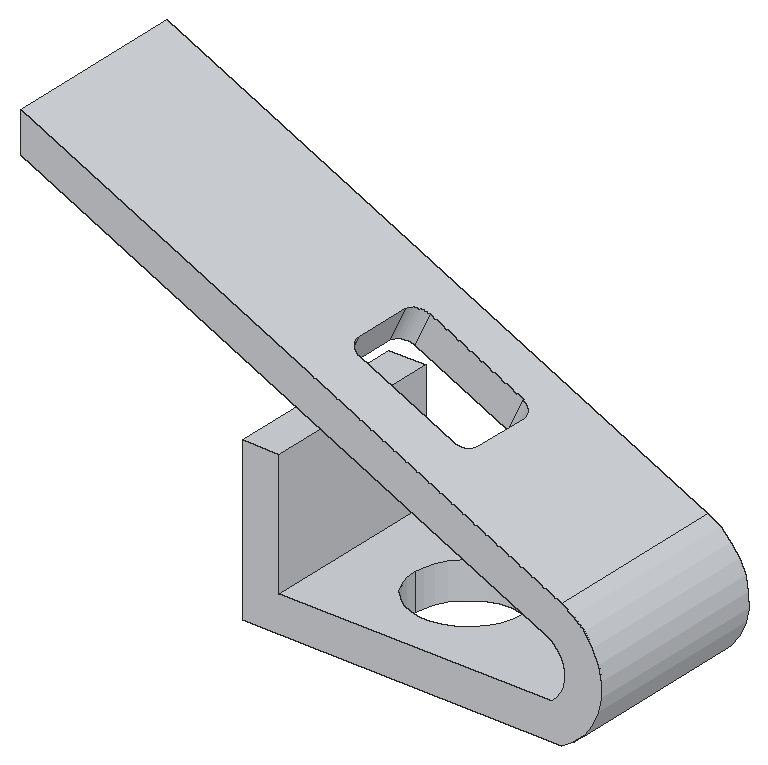
Revit family "MP45", category Generic Models, Revit 2017
Family settings
  Can host rebar = No
  Round Connector Dimension = Use Diameter
  Part Type = Normal
  Work Plane-Based = Yes
  Always vertical = No
  Cut with Voids When Loaded = No
  Shared = No
  Room Calculation Point = No
Parameters (values of type "NBS Standard Parameters")
  Weight = "0.085Kg"
  WarrantyStartDate [instance] = "1900-12-31T23:59:59"
  WarrantyGuarantorParts = "n/a"
  WarrantyGuarantorLabor = "n/a"
  WarrantyDurationUnit = "year"
  WarrantyDurationParts = "n/a"
  WarrantyDurationLabor = "n/a"
  WarrantyDescription = "n/a"
  Version = "1"
  Uniclass2 = "Pr_65_70_11_19"
  TagNumber [instance] = "n/a"
  SustainabilityPerformance = "n/a"
  Size = "n/a"
  Shape = "n/a"
  SerialNumber [instance] = "n/a"
  Revision = "n/a"
  ReplacementCost = "n/a"
  ProductInformation = "www.metpro.co.uk/pdf/mp45.pdf"
  NominalWidth = 25 mm
  NominalLength = 81.5 mm
  NominalHeight = 32 mm
  Name = ""
  NBSTypeID = ""
  NBSReference = "90-55-10/305"
  NBSOfficeMasterTag = ""
  NBSNote = ""
  NBSDescription = "Channel Cable Supports"
  NBSCertification = ""
  ModelReference = "MP45"
  ModelNumber = "n/a"
  Material = "Pressed Steel"
  ManufacturerURL = "www.metpro.co.uk"
  ManufacturerName = "Metpro Ltd"
  Keynote = "Compliant to LU Standard 1-085"
  InstallationDate [instance] = "1900-12-31T23:59:59"
  IfcExportType = ""
  IfcExportAs = ""
  Grade = "n/a"
  Finish = "BZP"
  Features = "n/a"
  ExpectedLife = "n/a"
  DurationUnit = "year"
  Description = "MP45 Purlin Clip"
  Default Elevation = 1219.2 mm
  Constituents = "n/a"
  Color = "n/a"
  CodePerformance = "n/a"
  Category = "n/a"
  BarCode [instance] = "n/a"
  BIMObjectName = "metpro_metprolibrary_channelcablesupports_channelbarckets"
  Author = "Metpro Ltd"
  AssetType = ""
  AssetIdentifier [instance] = "n/a"
  AccessibilityPerformance = "n/a"
Reference planes
  plane 1 "Center (Front/Back)": y = 0
  plane 2: z = 0
  plane 3 "Center (Left/Right)": x = 0
Forms (mm)
  Extrusion 1, solid
    sketch origin (-111.988, 38.372, -28.107) x (1, 0, 0) y (0, 0, 1)
      loop
        line (-4.462, 66.48) -> (-4.462, 60.963) -> (67.289, 27.505)
        arc (67.289, 27.505) -> (69.89, 23.843) -> (68.075, 19.735) r 4.545
        line (68.075, 19.735) -> (30.828, 19.735) -> (30.828, 36.735) -> (25.828, 36.735) -> (25.828, 14.735) -> (69.402, 14.735)
        arc (69.402, 14.735) -> (74.913, 23.386) -> (69.402, 32.036) r 9.545
        line (69.402, 32.036) -> (-4.462, 66.48)
    from 0 to 25
  Extrusion 2, void
    sketch origin (-109.638, 38.372, 35.196) x (-0.906308, 0, 0.422618) y (0, 1, 0)
      loop
        line (-51.408, -18.041) -> (-37.408, -18.041)
        arc (-37.408, -18.041) -> (-35.994, -17.455) -> (-35.408, -16.041) r 2
        line (-35.408, -16.041) -> (-35.408, -8.041)
        arc (-35.408, -8.041) -> (-35.994, -6.627) -> (-37.408, -6.041) r 2
        line (-37.408, -6.041) -> (-51.408, -6.041)
        arc (-51.408, -6.041) -> (-52.822, -6.627) -> (-53.408, -8.041) r 2
        line (-53.408, -8.041) -> (-53.408, -16.041)
        arc (-53.408, -16.041) -> (-52.822, -17.455) -> (-51.408, -18.041) r 2
    from 0 to 5
  Extrusion 3, void
    sketch origin (-42.586, 38.372, -13.372) x (1, 0, 0) y (0, 1, 0)
      loop
        circle (-22.87, -12.342) r 7.363
    from 0 to 9.339
Cuts and joins
  Extrusion 2, Extrusion 3 cuts Extrusion 1
Dimensions and locks
  aligned and locked: level to plane 2
